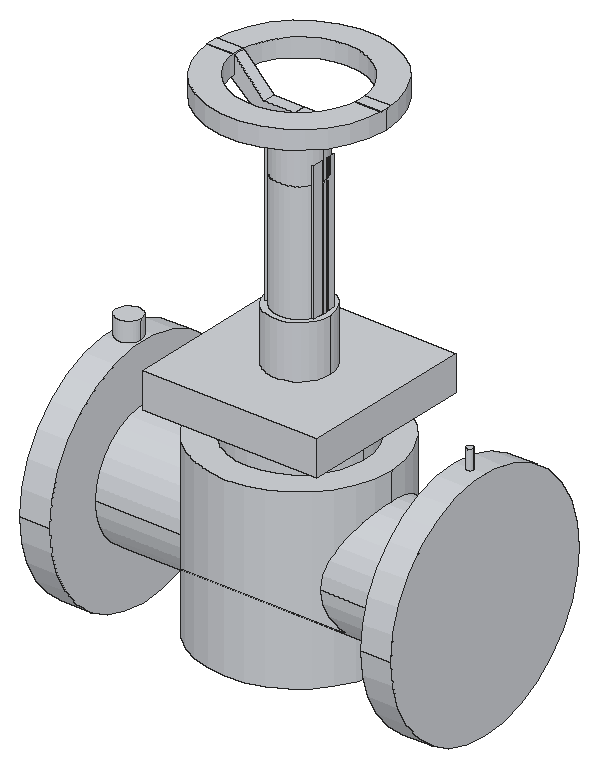
Revit family "Sigma_Compact_DN200-LF_PN16_RFA_2018", category Pipe Accessories, Revit 2018
Family settings
  Round Connector Dimension = Use Diameter
  Part Type = Valve - Breaks Into
  Work Plane-Based = No
  Always vertical = Yes
  Cut with Voids When Loaded = No
  Shared = No
Parameters (values of type "Sigma Compact DN 200 LF PN16")
  magiProductId = "bd9983fcf82240be8b5626661ef83b"
  magiProductFamilyId = "111bdfd32e424cd9a1e5f1ca7ea2b6"
  magiPartTypeId = 304
  isMeasuringValve [instance] = no
  ang2D [instance] = 0.00°
  W2D = 50 mm
  VersionID = "2.0/2018.12.13.2/FRESE_SIGMA_C_BIG_Q13_001"
  Use Minimum Symbol Size [instance] = no
  URL = "www.hydronix.cz"
  Type Comments = "přírubový; PN16; max dp=800kPa; 0~+110°C; max uzavírací tlak 1MPa"
  R4 = 105 mm
  R3 = 98.8 mm
  R1 = 150 mm
  QmdConnectorList = "301;D;302;D"
  Productdata [instance] = ""
  Manufacturer = "Hydronix"
  Maintenance Zone Under Depth [instance] = 100 mm
  Maintenance Zone Right Depth [instance] = 100 mm
  Maintenance Zone Over Depth [instance] = 100 mm
  Maintenance Zone Left Depth [instance] = 100 mm
  Maintenance Zone Front Depth [instance] = 100 mm
  Maintenance Zone Back Depth [instance] = 100 mm
  Maintenance Zone Front Visibility [instance] = no
  MC Use Limits From Balancing Method = no
  MC Throttling Minimum Value = 0
  MC Throttling Maximum Value = 0
  MC Product Code = "53-2406 DN200; PN16; (95000-210000 l/h); kvs=371"
  MC Pressure Drop Minimum Value = 0.0 Pa
  MC Pressure Drop Maximum Value = 0.0 Pa
  MC Piping Given Pressure Drop [instance] = 0.0 Pa
  LF__ve = -LF  # -48 mm
  LF2 = 24 mm
  LF = 48 mm
  L432 = 49.35 mm
  L43 = 98.7 mm
  L42 = 141 mm
  L4 = 282 mm
  L3 = 504 mm
  L2D_Min = 30.48 mm
  L2D = 230 mm
  L2 = 300 mm
  HH12 = 29.5 mm
  HH1 = 59 mm
  HDF__ve = -HDF  # -334 mm
  HDF = 334 mm
  H6 = 85 mm
  H4 = 57 mm
  H3 = 47.5 mm
  H2 = 142.5 mm
  H11 = 285 mm
  H1 = 853 mm
  H = 714 mm
  Description = "Automatický vyvažovací ventil"
  DF2 = 190 mm
  D = 200 mm
  Clearance Zone Height Depth [instance] = 100 mm
  Clearance Zone Circular Radius [instance] = 300 mm
  Clearance Zone Visibility [instance] = no
  CAT0 = yes
Types (9, lengths in mm): name | magiProductId | Type Comments | R4 | R3 | R1 | MC Product Code | LF__ve | LF2 | LF | L432 | L43 | L42 | L4 | L3 | L2 | HH12 | HH1 | HDF__ve | HDF | H4 | H3 | H2 | H11 | H1 | H | DF2 | D | Clearance Zone Circular Radius
  Sigma Compact DN 050 LF PN16 | "7ce002c265594233b83d195dc264f1" | "přírubový; PN16; max dp=800kPa; 0~+120°C; max uzavírací tlak 1MPa" | 40.25 | 42.9 | 57.5 | "53-2400 DN50; PN16; (2480-15000 l/h); kvs=34" | -18.4 | 9.2 | 18.4 | 18.917 | 37.835 | 54.05 | 108.1 | 193.2 | 115 | 16.5 | 33 | -202 | 202 | 24.75 | 20.625 | 61.875 | 123.75 | 480 | 367 | 82.5 | 50 | 115
  Sigma Compact DN 065 LF PN16 | "7b440009bc83499eb1c9a6fd3b4fee" | "přírubový; PN16; max dp=800kPa; 0~+120°C; max uzavírací tlak 1MPa" | 50.75 | 48.1 | 72.5 | "53-2401 DN65; PN16; (4380-25000 l/h); kvs=50" | -23.2 | 11.6 | 23.2 | 23.853 | 47.705 | 68.15 | 136.3 | 243.6 | 145 | 16.5 | 33 | -199 | 199 | 27.75 | 23.125 | 69.375 | 138.75 | 497 | 384 | 92.5 | 65 | 145
  Sigma Compact DN 080 LF PN16 | "c04670cd33374e61a046fccc79a79b" | "přírubový; PN16; max dp=800kPa; 0~+120°C; max uzavírací tlak 1MPa" | 54.25 | 52 | 77.5 | "53-2402 DN80; PN16; (5340-34000 l/h); kvs=68" | -24.8 | 12.4 | 24.8 | 25.497 | 50.995 | 72.85 | 145.7 | 260.4 | 155 | 16.5 | 33 | -213 | 213 | 30 | 25 | 75 | 150 | 526 | 413 | 100 | 80 | 155
  Sigma Compact DN 100 LF PN16 | "e9669c3b3cb042d39f52f9a3f8394b" | "přírubový; PN16; max dp=800kPa; 0~+120°C; max uzavírací tlak 1MPa" | 61.25 | 61.1 | 87.5 | "53-2403 DN100; PN16; (12100-68000 l/h); kvs=115" | -28 | 14 | 28 | 28.788 | 57.575 | 82.25 | 164.5 | 294 | 175 | 34 | 68 | -331 | 331 | 35.25 | 29.375 | 88.125 | 176.25 | 714 | 566 | 117.5 | 100 | 175
  Sigma Compact DN 125 LF PN16 | "72414964175c4f3999d5daaa67221e" | "přírubový; PN16; max dp=800kPa; 0~+120°C; max uzavírací tlak 1MPa" | 70 | 70.2 | 100 | "53-2404 DN125; PN16; (18500-110000 l/h); kvs=186" | -32 | 16 | 32 | 32.9 | 65.8 | 94 | 188 | 336 | 200 | 36.5 | 73 | -338 | 338 | 40.5 | 33.75 | 101.25 | 202.5 | 761 | 608 | 135 | 125 | 200
  Sigma Compact DN 150 LF PN16 | "cb5ac98de80a46389b4a96eb8539c2" | "přírubový; PN16; max dp=800kPa; 0~+110°C; max uzavírací tlak 1MPa" | 84 | 74.1 | 120 | "53-2405 DN150; PN16; (25600-148000 l/h); kvs=250" | -38.4 | 19.2 | 38.4 | 39.48 | 78.96 | 112.8 | 225.6 | 403.2 | 240 | 13 | 26 | -391 | 391 | 42.75 | 35.625 | 106.875 | 213.75 | 782 | 676 | 142.5 | 150 | 240
  Sigma Compact DN 200 LF PN16 | "bd9983fcf82240be8b5626661ef83b" | "přírubový; PN16; max dp=800kPa; 0~+110°C; max uzavírací tlak 1MPa" | 105 | 98.8 | 150 | "53-2406 DN200; PN16; (95000-210000 l/h); kvs=371" | -48 | 24 | 48 | 49.35 | 98.7 | 141 | 282 | 504 | 300 | 29.5 | 59 | -334 | 334 | 57 | 47.5 | 142.5 | 285 | 853 | 714 | 190 | 200 | 300
  Sigma Compact DN 250 LF PN16 | "6516628c9ce0481f89e5702e575104" | "přírubový; PN16; max dp=800kPa; 0~+110°C; max uzavírací tlak 1MPa" | 127.75 | 115.44 | 182.5 | "53-2407 DN250; PN16; (190000-475000 l/h); kvs=803" | -58.4 | 29.2 | 58.4 | 60.042 | 120.085 | 171.55 | 343.1 | 613.2 | 365 | 29 | 58 | -462 | 462 | 66.6 | 55.5 | 166.5 | 333 | 1044 | 906 | 222 | 250 | 365
  Sigma Compact DN 300 LF PN16 | "f16ecb3a8ad443e99405ecd1e4779a" | "přírubový; PN16; max dp=800kPa; 0~+110°C; max uzavírací tlak 1MPa" | 148.75 | 135.2 | 212.5 | "53-2408 DN300; PN16; (190000-475000 l/h); kvs=803" | -68 | 34 | 68 | 69.912 | 139.825 | 199.75 | 399.5 | 714 | 425 | 29 | 58 | -424 | 424 | 78 | 65 | 195 | 390 | 1082 | 944 | 260 | 300 | 425
Reference planes
  plane 1 "Center (Front/Back)": y = 0
  plane 2 "XYPLANE": z = 0
  plane 3 "Center (Left/Right)": x = 0
  plane 4 "298": y = -290
  plane 5 "297": y = 290
  plane 6 "296": y = -190
  plane 7 "295": y = 190
  plane 8 "294": z = -290
  plane 9 "293": z = 763
  plane 10 "292": x = -400
  plane 11 "291": x = 400
  plane 12 "290": z = 763
  plane 13 "256": y = -20
  plane 14 "254": z = 543.5
  plane 15 "253": z = 553.5
  plane 16 "252": x = -40
  plane 17 "251": x = -30
  plane 18 "250": x = 40
  plane 19 "249": x = 30
  plane 20 "247": z = 332
  plane 21 "244": z = 524
  plane 22 "243": x = 141
  plane 23 "242": x = 98.7
  plane 24 "241": x = 49.35
  plane 25 "240": y = -10
  plane 26 "238": x = -49.35
  plane 27 "237": x = -98.7
  plane 28 "236": z = 583
  plane 29 "235": z = 613
  plane 30 "234": x = -141
  plane 31 "225": z = 663
  plane 32 "224": z = -190
  plane 33 "157": x = 276
  plane 34 "156": x = -276
  plane 35 "155": z = 190
  plane 36 "154": z = 247
  plane 37 "153": z = 190
  plane 38 "152": z = 142.5
  plane 39 "151": x = -252
  plane 40 "150": z = -142.5
  plane 41 "149": x = 0
  plane 42 "148": y = 0
  plane 43 "147": z = 0
  plane 44 "146": x = -300
  plane 45 "145": x = 300
Forms (mm)
  Blend 1, solid, visible <- "Maintenance Zone Front Visibility"
    base sketch origin (-750, 0, 763) x (1, 0, 0) y (0, 1, 0)
      loop
        line (350, 290) -> (350, -290) -> (1150, -290) -> (1150, 290) -> (350, 290)
    top sketch origin (-750, 0, 763) x (1, 0, 0) y (0, 1, 0)
      loop
        line (350, 290) -> (350, -290) -> (1150, -290) -> (1150, 290) -> (350, 290)
    from 0 to -1053
  Blend 2, solid, visible <- "Clearance Zone Visibility"
    base sketch origin (-750, 0, 0) x (1, 0, 0) y (0, 1, 0)
      loop
        circle (750, 0) r 300
    top sketch origin (-750, 0, 0) x (1, 0, 0) y (0, 1, 0)
      loop
        circle (750, 0) r 300
    from 0 to 763
  Extrusion 3, solid
    sketch origin (-750, 0, 524) x (1, 0, 0) y (0, 1, 0)
      loop
        circle (750, 0) r 40.432
    from 0 to -334 <- "HDF__ve"
  Extrusion 4, solid
    sketch origin (-750, 0, 332) x (1, 0, 0) y (0, 1, 0)
      loop
        line (780, 20) -> (720, 20) -> (720, -20) -> (780, -20) -> (780, 20)
    from 0 to 25
  Extrusion 5, solid
    sketch origin (750, -20, 0) x (-1, 0, 0) y (0, 0, 1)
      loop
        line (790, 332) -> (790, 553.5) -> (710, 553.5) -> (710, 332) -> (720, 332) -> (720, 543.5) -> (780, 543.5) -> (780, 332) -> (790, 332)
    from 0 to 40
  Extrusion 6, solid
    sketch origin (-750, 0, 332) x (1, 0, 0) y (0, 1, 0)
      loop
        circle (750, 0) r 25
    from 0 to 30
  Extrusion 7, solid
    sketch origin (750, -10, 0) x (-1, 0, 0) y (0, 0, 1)
      loop
        line (848.7, 663) -> (799.35, 613) -> (750, 613) -> (750, 583) -> (799.35, 583) -> (891, 663) -> (848.7, 663)
    from 0 to 20
  Extrusion 8, solid
    sketch origin (750, -10, 0) x (-1, 0, 0) y (0, 0, 1)
      loop
        line (651.3, 663) -> (609, 663) -> (700.65, 583) -> (750, 583) -> (750, 613) -> (700.65, 613) -> (651.3, 663)
    from 0 to 20
  Extrusion 9, solid
    sketch origin (-750, 0, 524) x (1, 0, 0) y (0, 1, 0)
      loop
        circle (750, 0) r 40.432
    from 0 to 59 <- "HH1"
  Extrusion 10, solid
    sketch origin (-750, 0, 663) x (1, 0, 0) y (0, 1, 0)
      loop
        circle (750, 0) r 141
      loop
        circle (750, 0) r 98.7
    from 0 to -30
  Extrusion 11, solid, visible <- "CAT0"
    sketch origin (-750, 0, 190) x (1, 0, 0) y (0, 1, 0)
      loop
        circle (1026, 0) r 5.5
    from 0 to 30
  Extrusion 12, solid, visible <- "CAT0"
    sketch origin (-750, 0, 190) x (1, 0, 0) y (0, 1, 0)
      loop
        circle (474, 0) r 20.3
    from 0 to 30
  Extrusion 13, solid, visible <- "CAT0"
    sketch origin (-750, 0, 247) x (1, 0, 0) y (0, 1, 0)
      loop
        circle (750, 0) r 50.432
    from 0 to 85 <- "H6"
  Extrusion 14, solid, visible <- "CAT0"
    sketch origin (-750, 0, 190) x (1, 0, 0) y (0, 1, 0)
      loop
        line (891, 141) -> (609, 141) -> (609, -141) -> (891, -141) -> (891, 141)
    from 0 to 57 <- "H4"
  Extrusion 15, solid, visible <- "CAT0"
    sketch origin (-750, 0, 142.5) x (1, 0, 0) y (0, 1, 0)
      loop
        circle (750, 0) r 105
    from 0 to 47.5 <- "H3"
  Extrusion 16, solid, visible <- "CAT0"
    sketch origin (-252, -750, 0) x (0, 1, 0) y (0, 0, 1)
      loop
        circle (750, 0) r 98.8
    from 0 to 504 <- "L3"
  Extrusion 17, solid, visible <- "CAT0"
    sketch origin (-750, 0, -142.5) x (1, 0, 0) y (0, 1, 0)
      loop
        circle (750, 0) r 150
    from 0 to 285 <- "H11"
  Extrusion 18, solid, visible <- "CAT0"
    sketch origin (-300, -750, 0) x (0, 1, 0) y (0, 0, 1)
      loop
        circle (750, 0) r 190
    from 0 to 48 <- "LF"
  Extrusion 19, solid, visible <- "CAT0"
    sketch origin (300, -750, 0) x (0, 1, 0) y (0, 0, 1)
      loop
        circle (750, 0) r 190
    from 0 to -48 <- "LF__ve"
  Extrusion 20, solid, not visible
    sketch origin (-300, -750, 0) x (0, 1, 0) y (0, 0, 1)
      loop
        circle (750, 0) r 10
    from 0 to 10
  Extrusion 21, solid, not visible
    sketch origin (300, -750, 0) x (0, 1, 0) y (0, 0, 1)
      loop
        circle (750, 0) r 10
    from 0 to -10
Lines and regions (mm)
  reference lines, not visible
    curve 1: circle (2, 2, 0) r 1 normal (0, 0, 1)
  reference lines
    curve 2: circle (0, 0, 190) r 1 normal (0, 0, 1)
Dimensions and locks
  plane 1 "Center (Front/Back)" to curve 1 = 2 mm
  "Maintenance Zone Front Depth": plane 6 "296" to plane 4 "298"
  "Maintenance Zone Back Depth": plane 7 "295" to plane 5 "297"
  "DF2": plane 42 "148" to plane 6 "296"
  "DF2": plane 42 "148" to plane 7 "295"
  "Maintenance Zone Under Depth": plane 32 "224" to plane 8 "294"
  "Maintenance Zone Over Depth": plane 31 "225" to plane 9 "293"
  "Maintenance Zone Left Depth": plane 44 "146" to plane 10 "292"
  "Maintenance Zone Right Depth": plane 45 "145" to plane 11 "291"
  "Clearance Zone Height Depth": plane 31 "225" to plane 12 "290"
  locked: plane 25 "240" to plane 13 "256" at 10
  locked: plane 15 "253" to plane 14 "254" at 10
  "HH12": plane 21 "244" to plane 15 "253"
  locked: plane 17 "251" to plane 16 "252" at 10
  locked: plane 41 "149" to plane 17 "251" at 30
  locked: plane 19 "249" to plane 18 "250" at 10
  locked: plane 41 "149" to plane 19 "249" at 30
  "H6": plane 36 "154" to plane 20 "247"
  "H": plane 32 "224" to plane 21 "244"
  "L42": plane 41 "149" to plane 22 "243"
  "L43": plane 41 "149" to plane 23 "242"
  "L432": plane 41 "149" to plane 24 "241"
  locked: plane 42 "148" to plane 25 "240" at 10
  "L432": plane 41 "149" to plane 26 "238"
  "L43": plane 41 "149" to plane 27 "237"
  locked: plane 29 "235" to plane 28 "236" at 30
  locked: plane 31 "225" to plane 29 "235" at 50
  "L42": plane 41 "149" to plane 30 "234"
  "H1": plane 32 "224" to plane 31 "225"
  "DF2": plane 2 "XYPLANE" to plane 32 "224"
  "LF2": plane 45 "145" to plane 33 "157"
  "LF2": plane 44 "146" to plane 34 "156"
  "DF2": plane 2 "XYPLANE" to plane 35 "155"
  "H4": plane 37 "153" to plane 36 "154"
  "H3": plane 38 "152" to plane 37 "153"
  "H11": plane 40 "150" to plane 38 "152"
  "LF": plane 44 "146" to plane 39 "151"
  "H2": plane 2 "XYPLANE" to plane 40 "150"
  locked: plane 3 "Center (Left/Right)" to plane 41 "149"
  locked: plane 1 "Center (Front/Back)" to plane 42 "148"
  locked: plane 2 "XYPLANE" to plane 43 "147"
  "L2": plane 3 "Center (Left/Right)" to plane 44 "146"
  "L2": plane 3 "Center (Left/Right)" to plane 45 "145"
  Blend 1 sketch curve to Blend 1 sketch curve = 0 mm  (x16)
  Extrusion 4 sketch curve to Extrusion 4 sketch curve = 0 mm  (x8)
  Extrusion 5 sketch curve to Extrusion 5 sketch curve = 0 mm  (x16)
  Extrusion 7 sketch curve to Extrusion 7 sketch curve = 0 mm  (x12)
  Extrusion 8 sketch curve to Extrusion 8 sketch curve = 0 mm  (x12)
  equal spacing: Extrusion 14 sketch curve, curve 2, Extrusion 14 sketch curve  (x2)
  "L4": Extrusion 14 sketch curve to Extrusion 14 sketch curve  (x2)
  Extrusion 14 sketch curve to Extrusion 14 sketch curve = 0 mm  (x8)
  "Clearance Zone Circular Radius": radius of Blend 2 sketch curve  (x2)
  "L42": radius of Extrusion 10 sketch curve
  "L43": radius of Extrusion 10 sketch curve
  "R4": radius of Extrusion 15 sketch curve
  "R3": radius of Extrusion 16 sketch curve
  "R1": radius of Extrusion 17 sketch curve
  "DF2": radius of Extrusion 18 sketch curve
  "DF2": radius of Extrusion 19 sketch curve
  aligned and locked: level to plane 2 "XYPLANE"
  aligned and locked: Blend 1 sketch curve to plane 5 "297"  (x2)
  aligned and locked: plane 10 "292" to Blend 1 sketch curve  (x4)
  aligned and locked: plane 11 "291" to Blend 1 sketch curve  (x4)
  aligned and locked: plane 5 "297" to Blend 1 sketch curve  (x2)
  aligned and locked: plane 4 "298" to Blend 1 sketch curve  (x4)
  aligned and locked: Blend 1 to plane 8 "294"
  aligned and locked: plane 41 "149" to Blend 2 sketch curve  (x2)
  aligned and locked: plane 42 "148" to Blend 2 sketch curve  (x2)
  aligned and locked: plane 12 "290" to Blend 2
  aligned and locked: plane 41 "149" to Extrusion 3 sketch curve
  aligned and locked: plane 42 "148" to Extrusion 3 sketch curve
  aligned and locked: Extrusion 5 sketch curve to plane 16 "252"
  aligned and locked: plane 20 "247" to Extrusion 5 sketch curve  (x4)
  aligned and locked: plane 15 "253" to Extrusion 5 sketch curve  (x2)
  aligned and locked: plane 16 "252" to Extrusion 5 sketch curve
  aligned and locked: plane 18 "250" to Extrusion 5 sketch curve  (x2)
  aligned and locked: plane 19 "249" to Extrusion 5 sketch curve  (x2)
  aligned and locked: plane 14 "254" to Extrusion 5 sketch curve  (x2)
  aligned and locked: plane 17 "251" to Extrusion 5 sketch curve  (x2)
  aligned and locked: plane 41 "149" to Extrusion 6 sketch curve
  aligned and locked: plane 42 "148" to Extrusion 6 sketch curve
  aligned and locked: plane 27 "237" to Extrusion 7 sketch curve
  aligned and locked: plane 31 "225" to Extrusion 7 sketch curve  (x2)
  aligned and locked: plane 26 "238" to Extrusion 7 sketch curve  (x2)
  aligned and locked: plane 29 "235" to Extrusion 7 sketch curve  (x2)
  aligned and locked: plane 41 "149" to Extrusion 7 sketch curve  (x2)
  aligned and locked: plane 28 "236" to Extrusion 7 sketch curve  (x2)
  aligned and locked: plane 30 "234" to Extrusion 7 sketch curve
  aligned and locked: plane 23 "242" to Extrusion 8 sketch curve
  aligned and locked: plane 31 "225" to Extrusion 8 sketch curve  (x2)
  aligned and locked: plane 24 "241" to Extrusion 8 sketch curve  (x2)
  aligned and locked: plane 29 "235" to Extrusion 8 sketch curve  (x2)
  aligned and locked: plane 41 "149" to Extrusion 8 sketch curve  (x2)
  aligned and locked: plane 28 "236" to Extrusion 8 sketch curve  (x2)
  aligned and locked: plane 22 "243" to Extrusion 8 sketch curve
  aligned and locked: plane 41 "149" to Extrusion 9 sketch curve
  aligned and locked: plane 42 "148" to Extrusion 9 sketch curve
  aligned and locked: plane 41 "149" to Extrusion 10 sketch curve  (x2)
  aligned and locked: plane 42 "148" to Extrusion 10 sketch curve  (x2)
  aligned and locked: plane 33 "157" to Extrusion 11 sketch curve
  aligned and locked: plane 42 "148" to Extrusion 11 sketch curve
  aligned and locked: plane 34 "156" to Extrusion 12 sketch curve
  aligned and locked: plane 42 "148" to Extrusion 12 sketch curve
  aligned and locked: plane 41 "149" to Extrusion 13 sketch curve
  aligned and locked: plane 42 "148" to Extrusion 13 sketch curve
  aligned and locked: plane 41 "149" to curve 2
  aligned and locked: plane 42 "148" to curve 2
  aligned and locked: plane 41 "149" to Extrusion 15 sketch curve
  aligned and locked: plane 42 "148" to Extrusion 15 sketch curve
  aligned and locked: Extrusion 16 sketch curve to plane 42 "148"
  aligned and locked: plane 43 "147" to Extrusion 16 sketch curve
  aligned and locked: plane 41 "149" to Extrusion 17 sketch curve
  aligned and locked: plane 42 "148" to Extrusion 17 sketch curve
  aligned and locked: Extrusion 18 sketch curve to plane 42 "148"
  aligned and locked: plane 43 "147" to Extrusion 18 sketch curve
  aligned and locked: Extrusion 19 sketch curve to plane 42 "148"
  aligned and locked: plane 43 "147" to Extrusion 19 sketch curve
  aligned and locked: Extrusion 20 sketch curve to plane 42 "148"
  aligned and locked: plane 43 "147" to Extrusion 20 sketch curve
  aligned and locked: Extrusion 21 sketch curve to plane 42 "148"
  aligned and locked: plane 43 "147" to Extrusion 21 sketch curve
Automatic sketch dimensions
  plane 26 "238" to Extrusion 3 sketch curve = 8.917 mm
  Extrusion 4 sketch curve to plane 17 "251" = 0 mm
  Extrusion 4 sketch curve to plane 13 "256" = 0 mm
  Extrusion 4 sketch curve to plane 19 "249" = 0 mm
  Extrusion 4 sketch curve to plane 1 "Center (Front/Back)" = 20 mm
  plane 17 "251" to Extrusion 6 sketch curve = 5 mm
  plane 26 "238" to Extrusion 9 sketch curve = 8.917 mm
  Extrusion 11 sketch curve to plane 33 "157" = 5.5 mm
  plane 44 "146" to Extrusion 12 sketch curve = 3.7 mm
  Extrusion 13 sketch curve to plane 26 "238" = 1.083 mm
  Extrusion 20 sketch curve to plane 25 "240" = 0 mm
  Extrusion 21 sketch curve to plane 25 "240" = 0 mm
  plane 3 "Center (Left/Right)" to curve 1 = 2 mm
  Extrusion 14 sketch curve to plane 30 "234" = 0 mm
  plane 6 "296" to Extrusion 14 sketch curve = 49 mm
  radius of curve 2 = 1 mm
  radius of curve 1 = 1 mm
Connectors
  piping at (-300, 0, 0), diameter 200, driven by "D"
    settings: on Extrusion 20, index 1, connector inside diameter 609.6 mm, connector length 0 mm, flow factor 0, pipe flow 0.0 L/s, pressure drop 0.0 Pa, fitting loss kfactor 0, connector angle 0.00°, fixture units 0, engagement length 0 mm, angle of deflection 0.00°, flow configuration 0, flow direction 0, fitting loss method 0, system type 29, joint type 0, gender type 0, connector reference index 2, connector utility 0, adjustable connector no, is connector primary yes, connector description ""
  piping at (300, 0, 0), diameter 200, driven by "D"
    settings: on Extrusion 21, index 2, connector inside diameter 609.6 mm, connector length 0 mm, flow factor 0, pipe flow 0.0 L/s, pressure drop 0.0 Pa, fitting loss kfactor 0, connector angle 0.00°, fixture units 0, engagement length 0 mm, angle of deflection 0.00°, flow configuration 0, flow direction 0, fitting loss method 0, system type 29, joint type 0, gender type 0, connector reference index 1, connector utility 0, adjustable connector no, is connector primary no, connector description ""
